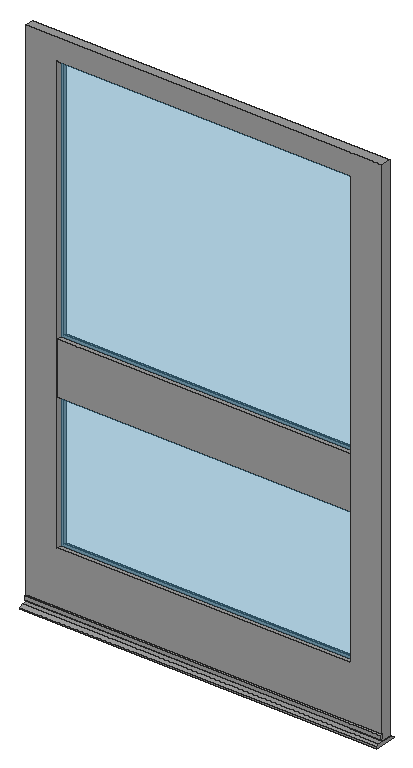
Revit family "AD E-DG-BHINGE-SNGL ENT-SF", category Curtain Panels, Revit 2019
Family settings
  OmniClass Number = 23.25.20.14.11.11.17
  OmniClass Title = Infill Panels
  Always vertical = Yes
  Cut with Voids When Loaded = No
  Shared = No
Parameters
  Width [instance] = 5' - 6"
  Wide Stile Entrance [instance] = not(Medium Stile Entrance)  # yes
  URL = "obe.com"
  Pushbar Height [instance] = 3' - 5 1/4"  # constant formula
  Offset [instance] = 0' - 2"
  Model = "AD E-DG"
  Medium Stile Entrance [instance] = no
  Manufacturer = "Oldcastle BuildingEnvelope®"
  Keynote = "08 11 00"
  Height [instance] = 8' - 0"
  Glass at Muntins [instance] = if([4 Mid Rail], 0' 4 29/64", if([6.5 Mid Rail], 0' 6 61/64", if([8 Mid Rail], 0' 8 29/64", if([10 Mid Rail], 0' 10 29/64", 0' 4 29/64"))))  # 0' - 8 29/64"
  Glass Material = Glass
  Frame Material = Aluminum
  Edge of door panel [instance] = if(Medium Stile Entrance, 0' 4 27/32", if(Wide Stile Entrance, 0' 6 3/32", 0' 4 27/32"))  # 0' - 6 3/32"
  Door Panel Height [instance] = Height + 0' 0 17/32"  # 8' - 0 17/32"
  Description = "ArmorDefend Medium/Wide Stile Entrance - 7/16\" Infill"
  Assembly Code = "B2030"
  Analytic Construction = "<None>"
  8 Mid Rail [instance] = yes
  4 Mid Rail [instance] = if(or([6.5 Mid Rail], 1 < 0, [8 Mid Rail], 1 < 0, [10 Mid Rail], 1 < 0), 0 > 1, 1 > 0)  # no
  6.5 Mid Rail [instance] = no
  10 Mid Rail [instance] = no
Reference planes (in)
  plane 1 "Front": y = 0
  plane 2: z = 0
  plane 3 "Center (Left/Right)": x = 0
  plane 4 "Left": x = -33
  plane 5 "Right": x = 33
  plane 6 "Top": z = 96
Text (in)
  text "Exterior" at (-54.29358, 31.38743, 0), in view "Ref. Level"
  text "Exterior" at (480, 41.53993, 89.60405), in view "Right"
  text "Exterior" at (-240, 57.82419, 105.78864), in view "Left"
Dimensions and locks (in)
  equal spacing: plane 4 "Left", plane 3 "Center (Left/Right)", plane 5 "Right"
  "Width": plane 4 "Left" to plane 5 "Right"
  "Height": plane 6 "Top" to plane 2
  aligned and locked: level to plane 2
  aligned and locked: plane 3 "Center (Left/Right)" to nested 1
  aligned and locked: plane 1 "Front" to nested 1
Nested families (in)
  nested 1: "AD E-DG-BHINGE-Single Door-Panel" at (0, -14, 0), Width <- "Width", Height <- "Door Panel Height", Medium Stile Entrance <- "Medium Stile Entrance", Glass Material <- "Glass Material", Frame Material <- "Frame Material", Offset <- "Offset", 6.5 Mid Rail <- "6.5 Mid Rail", 8 Mid Rail <- "8 Mid Rail", 10 Mid Rail <- "10 Mid Rail", type "AD E-DG-BHINGE-Single Door-Panel"
    with built-in parameter 1001301 5' - 6", Wide Stile Entrance yes, Pushbar Height 3' - 5 1/4", Offset 0' - 2", Medium Stile Entrance no, built-in parameter 1001300 8' - 0 17/32", Glass at Muntins 0' - 8 29/64", Glass Material Glass, Frame Material Aluminum, Edge of door panel 0' - 6 3/32", 8 Mid Rail yes, 6.5 Mid Rail no, 4 Mid Rail no, 10 Mid Rail no
Definition of nested family "AD E-DG-BHINGE-Single Door-Panel"
  Parameters (values of type "AD E-DG-BHINGE-Single Door-Panel")
    Width [instance] = 3' - 0"
    Wide Stile Entrance [instance] = not(Medium Stile Entrance)  # no
    URL = "obe.com"
    Offset [instance] = 0' - 1"
    Model = "AD E-DG"
    Medium Stile Entrance [instance] = yes
    Manufacturer = "Oldcastle BuildingEnvelope®"
    Keynote = "08 11 00"
    Height [instance] = 6' - 0"
    Glass at Muntins [instance] = if([4 Mid Rail], 0' 4 29/64", if([6.5 Mid Rail], 0' 6 61/64", if([8 Mid Rail], 0' 8 29/64", if([10 Mid Rail], 0' 10 29/64", 0' 4 29/64"))))  # 0' - 6 61/64"
    Glass Material [instance] = none
    Frame Material [instance] = none
    Edge of door panel [instance] = if(Medium Stile Entrance, 0' 4 27/32", if(Wide Stile Entrance, 0' 6 3/32", 0' 4 27/32"))  # 0' - 4 27/32"
    Description = "ArmorDefend Entrance - Dry Glazed - 7/16\" Door Infill"
    Pushbar Height [instance] = 3' - 5 1/4"  # constant formula
    Assembly Code = "B2030"
    Analytic Construction = "<None>"
    8 Mid Rail [instance] = no
    4 Mid Rail [instance] = if(or([6.5 Mid Rail], 1 < 0, [8 Mid Rail], 1 < 0, [10 Mid Rail], 1 < 0), 0 > 1, 1 > 0)  # no
    6.5 Mid Rail [instance] = yes
    10 Mid Rail [instance] = no
  Reference planes (in)
    plane 1 "00": y = 12.2655
    plane 2: z = 0
    plane 3 "Center (Left/Right)": x = 0
    plane 4: z = 72
    plane 5: x = 18
    plane 6: x = -18
    plane 7 "Center (Front/Back)": y = 14
    plane 8 "Exterior": y = 12.7655
    plane 9: z = 36
    plane 10: z = 68.125
    plane 11: z = 10.92187
    plane 12 "Offset": y = 13
    plane 13 "Pushbar Height": z = 41.25
    plane 14: z = 44.72656
    plane 15: z = 37.77344
    plane 16 "Edge of door panel Right": x = -13.15625
    plane 17 "Edge of door panel Left": x = 13.15625
  Forms (in)
    Sweep 1, solid, material <- "Frame Material"
      path origin (0, 12.2655, 0) x (1, 0, 0) y (0, 0, 1)
        loop
          line (-17.90532, 72) -> (17.90625, 72)
      profile origin (0.00046, 12.2655, 72) x (0, 0, 1) y (0, -1, 0)
        loop
          line (-0.625, -0.672) -> (-0.625, 1.078) -> (-2.62093, 1.078) -> (-4.46825, 1.078) -> (-4.46825, 0.21484) -> (-3.875, 0.21484) -> (-3.875, -0.21484) -> (-4.65625, -0.21484) -> (-4.65625, -0.672) -> (-2.62093, -0.672) -> (-0.625, -0.672)
    Sweep 2, solid, material <- "Frame Material"
      path origin (0, 12.2655, 0) x (1, 0, 0) y (0, 0, 1)
        loop
          line (17.90625, 0) -> (-17.90532, 0)
      profile origin (0.00046, 12.2655, 0) x (0, 0, -1) y (0, -1, 0)
        loop
          line (-11.68749, -0.21484) -> (-11.68749, -0.672) -> (-0.6875, -0.672) -> (-0.6875, 1.058) -> (-1.0005, 1.058) -> (-1.0005, 1.36) -> (-1.63814, 1.36) -> (-1.80095, 1.078) -> (-11.49949, 1.078) -> (-11.49949, 0.21484) -> (-10.92187, 0.21484) -> (-10.92187, -0.21484) -> (-11.68749, -0.21484)
    Sweep 3, solid, material <- "Frame Material"
      path origin (0, 12.2655, 0) x (1, 0, 0) y (0, 0, 1)
        loop
          line (18, 71.375) -> (18, 0.6875)
      profile origin (18, 12.2655, 36.03125) x (0, -1, 0) y (1, 0, 0)
        loop
          line (-0.672, -0.09375) -> (-0.672, -2.21468) -> (-0.672, -4.84375) -> (-0.21484, -4.84375) -> (-0.21484, -4.0625) -> (0.21484, -4.0625) -> (0.21484, -4.65574) -> (1.078, -4.65574) -> (1.078, -2.21468) -> (1.078, -0.20275) -> (-0.672, -0.09375)
    Sweep 4, solid, material <- "Frame Material"
      path origin (0, 12.2655, 0) x (1, 0, 0) y (0, 0, 1)
        loop
          line (-18, 71.375) -> (-18, 0.6875)
      profile origin (-18, 12.2655, 36.03125) x (0, -1, 0) y (1, 0, 0)
        loop
          line (-0.672, 0.09468) -> (1.078, 0.20368) -> (1.078, 2.31376) -> (1.078, 4.65675) -> (0.21484, 4.65675) -> (0.21484, 4.06323) -> (-0.21484, 4.06323) -> (-0.21484, 4.84375) -> (-0.672, 4.84375) -> (-0.672, 2.31376) -> (-0.672, 0.09468)
    Extrusion 5, solid, material <- "Glass Material", detail levels medium+fine
      sketch origin (0, 0, 0) x (1, 0, 0) y (0, 1, 0)
        loop
          line (13.9375, 12.35534) -> (13.9375, 12.48034) -> (-13.93677, 12.48034) -> (-13.93677, 12.35534) -> (13.9375, 12.35534)
        loop
          line (13.9375, 12.17566) -> (-13.93677, 12.17566) -> (-13.93677, 12.05066) -> (13.9375, 12.05066) -> (13.9375, 12.17566)
      from 44.72656 to 68.125
    Extrusion 6, void
      sketch origin (0, 0, 0) x (1, 0, 0) y (0, 1, 0)
        loop
          line (-18, 11.1875) -> (-17.79632, 11.1875) -> (-17.95283, 13.7002) -> (-18, 13.7002) -> (-18, 11.1875)
      from 0.6875 to 72
    Extrusion 7, void
      sketch origin (0, 0, 0) x (-1, 0, 0) y (0, -1, 0)
        loop
          line (-18, -11.1875) -> (-18, -13.7002) -> (-17.95376, -13.7002) -> (-17.79725, -11.1875) -> (-18, -11.1875)
      from 0.6875 to 72
    Extrusion 8, solid, material <- "Glass Material", detail levels coarse
      sketch origin (0, 0, 0) x (1, 0, 0) y (0, 1, 0)
        loop
          line (-13.93677, 12.48034) -> (-13.93677, 12.05066) -> (13.9375, 12.05066) -> (13.9375, 12.48034) -> (-13.93677, 12.48034)
      from 44.72656 to 68.125
    Extrusion 9, solid, material <- "Glass Material", detail levels coarse
      sketch origin (0, 0, -26) x (1, 0, 0) y (0, 1, 0)
        loop
          line (-13.93677, 12.05066) -> (13.9375, 12.05066) -> (13.9375, 12.48034) -> (-13.93677, 12.48034) -> (-13.93677, 12.05066)
      from 36.92188 to 63.77344
    Extrusion 10, solid, material <- "Glass Material", detail levels medium+fine
      sketch origin (0, 0, -25) x (1, 0, 0) y (0, 1, 0)
        loop
          line (13.9375, 12.05066) -> (13.9375, 12.17566) -> (-13.93677, 12.17566) -> (-13.93677, 12.05066) -> (13.9375, 12.05066)
        loop
          line (13.9375, 12.48034) -> (-13.93677, 12.48034) -> (-13.93677, 12.35534) -> (13.9375, 12.35534) -> (13.9375, 12.48034)
      from 35.92188 to 62.77344
    Sweep 11, solid, material <- "Frame Material"
      path origin (0, 13, 0) x (1, 0, 0) y (0, 0, 1)
        loop
          line (16, 41.25) -> (-16, 41.25)
      profile origin (0, 13, 41.25) x (0, 0, -1) y (0, -1, 0)
        loop
          line (-4.242, 0.0825) -> (4.258, 0.0825) -> (4.258, 0.51966) -> (3.47656, 0.51966) -> (3.47656, 0.94934) -> (4.07, 0.94934) -> (4.07, 1.7925) -> (-4.054, 1.7925) -> (-4.054, 0.94934) -> (-3.47656, 0.94934) -> (-3.47656, 0.51966) -> (-4.242, 0.51966) -> (-4.242, 0.0825)
    Sweep 12, solid, material <- "Frame Material"
      path origin (0, 12.2655, 0) x (1, 0, 0) y (0, 0, 1)
        loop
          line (17.90625, 0) -> (-17.90532, 0)
      profile origin (0.00046, 12.2655, 0) x (0, 0, -1) y (0, -1, 0)
        loop
          line (-0.5, 1.734) -> (-0.5, -0.952) -> (-0.19364, -1.609) -> (-0.00001, -1.609) -> (-0.00001, 2.391) -> (-0.19364, 2.391) -> (-0.5, 1.734)
  Cuts and joins
    Extrusion 6, Extrusion 7 cuts Sweep 1
    Extrusion 6, Extrusion 7 cuts Sweep 2
    joined: Sweep 1, Sweep 2, Sweep 3, Sweep 4, Sweep 11
  Lines and regions (in)
    model lines
      curve 1: line (17.79725, 12.7655, 71.375) -> (-13.6875, 12.7655, 36)
      curve 2: line (-13.6875, 12.7655, 36) -> (17.79725, 12.7655, 0.5)
  Dimensions and locks (in)
    "Width": plane 6 to plane 5
    "Offset": plane 12 "Offset" to plane 7 "Center (Front/Back)"
    plane 1 "00" to plane 8 "Exterior" to plane 12 "Offset" = 0' - 0 1/2" locked, 0' - 0.2345" locked
    equal spacing: level, plane 9, plane 4
    locked: Sweep 2 sketch curve to plane 6 at 0.09468
    locked: plane 5 to Sweep 2 sketch curve at 0.09375
    locked: Sweep 3 sketch curve to plane 4 at 0.625
    locked: Sweep 4 sketch curve to plane 4 at 0.625
    locked: Sweep 1 sketch curve to plane 6 at 0.09468
    locked: plane 5 to Sweep 1 sketch curve at 0.09375
    locked: plane 10 to plane 4 at 3.875
    locked: plane 11 to plane 2 at 10.92187
    "Height": plane 4 to plane 2
    locked: Sweep 1 sketch curve to plane 10 at 0.59325
    locked: Sweep 1 sketch curve to plane 10 at 0.78125
    locked: plane 11 to Sweep 2 sketch curve at 0.57761
    locked: plane 11 to Sweep 2 sketch curve at 0.76561
    equal spacing: plane 6, plane 3 "Center (Left/Right)", plane 5
    Extrusion 5 sketch curve to Extrusion 5 sketch curve to plane 1 "00" to Extrusion 5 sketch curve to Extrusion 5 sketch curve = 0' - 0 1/8" locked, 0' - 0 23/256" locked, 0' - 0 23/256" locked, 0' - 0 1/8" locked
    Sweep 4 sketch curve to Sweep 4 sketch curve to Sweep 4 sketch curve = 0' - 0.59352" locked, 0' - 0.187" locked
    plane 6 to Extrusion 6 sketch curve to Extrusion 6 sketch curve = 0' - 0.04717" locked, 0' - 0.15651" locked
    Extrusion 7 sketch curve to Extrusion 7 sketch curve to plane 5 = 0' - 0.15651" locked, 0' - 0.04624" locked
    locked: plane 4 to Sweep 1 sketch curve at 0.625
    locked: nested 2 to plane 1 "00" at 0.0625
    Extrusion 8 sketch curve to plane 1 "00" to Extrusion 8 sketch curve = 0' - 0 55/256" locked, 0' - 0 55/256" locked
    "Pushbar Height": level to plane 13 "Pushbar Height"
    equal spacing: plane 15, plane 13 "Pushbar Height", plane 14
    "Glass at Muntins": plane 15 to plane 14
    Extrusion 9 sketch curve to plane 1 "00" to Extrusion 9 sketch curve = 0' - 0 55/256" locked, 0' - 0 55/256" locked
    Extrusion 10 sketch curve to Extrusion 10 sketch curve to plane 1 "00" to Extrusion 10 sketch curve to Extrusion 10 sketch curve = 0' - 0 1/8" locked, 0' - 0 23/256" locked, 0' - 0 23/256" locked, 0' - 0 1/8" locked
    locked: plane 15 to Sweep 11 sketch curve at 0.78144
    locked: plane 15 to Sweep 11 sketch curve at 0.59344
    locked: plane 14 to Sweep 11 sketch curve at 0.57744
    locked: plane 14 to Sweep 11 sketch curve at 0.76544
    "Edge of door panel": plane 6 to plane 16 "Edge of door panel Right"
    "Edge of door panel": plane 17 "Edge of door panel Left" to plane 5
    plane 17 "Edge of door panel Left" to Sweep 3 sketch curve to Sweep 3 sketch curve = 0' - 0.18801" locked, 0' - 0.59323" locked
    locked: Extrusion 8 sketch curve to plane 16 "Edge of door panel Right" at 0.78052
    locked: plane 17 "Edge of door panel Left" to Extrusion 8 sketch curve at 0.78125
    Extrusion 5 sketch curve to Extrusion 5 sketch curve to plane 16 "Edge of door panel Right" = 0' - 0" locked, 0' - 0.78052" locked
    plane 17 "Edge of door panel Left" to Extrusion 5 sketch curve to Extrusion 5 sketch curve = 0' - 0 25/32" locked, 0' - 0" locked
    locked: plane 5 to Sweep 11 sketch curve at 2
    locked: Sweep 11 sketch curve to plane 6 at 2
    locked: level to Sweep 3 sketch curve at 0.6875
    locked: level to Sweep 4 sketch curve at 0.6875
    locked: plane 5 to Sweep 12 sketch curve at 0.09375
    locked: Sweep 12 sketch curve to plane 6 at 0.09468
    aligned and locked: plane 2 to level
    aligned and locked: Sweep 1 sketch curve to plane 4
    aligned and locked: level to nested 1
    aligned and locked: nested 1 to plane 1 "00"
    aligned and locked: plane 5 to Sweep 3 sketch curve
    aligned and locked: plane 6 to Sweep 4 sketch curve
    aligned and locked: plane 9 to curve 1
    aligned and locked: plane 3 "Center (Left/Right)" to nested 2
    aligned and locked: Extrusion 5 to plane 10
    aligned and locked: plane 6 to Extrusion 6 sketch curve
    aligned and locked: plane 4 to Extrusion 6
    aligned and locked: plane 5 to Extrusion 7 sketch curve
    aligned and locked: plane 4 to Extrusion 7
    aligned and locked: plane 14 to Extrusion 5
    aligned and locked: plane 11 to Extrusion 9
    aligned and locked: plane 11 to Extrusion 10
    aligned and locked: plane 15 to Extrusion 10
    aligned and locked: plane 15 to Extrusion 9
    aligned and locked: plane 13 "Pushbar Height" to Sweep 11 sketch curve
    aligned and locked: plane 14 to Sweep 11 sketch curve
    aligned and locked: plane 15 to Sweep 11 sketch curve
    aligned and locked: Sweep 4 sketch curve to plane 16 "Edge of door panel Right"
    aligned and locked: plane 17 "Edge of door panel Left" to Sweep 3 sketch curve
    aligned and locked: Extrusion 10 sketch curve to Extrusion 8  (x2)
    aligned and locked: Extrusion 9 sketch curve to Extrusion 8  (x2)
    aligned and locked: Extrusion 8 to plane 10
    aligned and locked: plane 14 to Extrusion 8
    aligned and locked: Sweep 2 sketch curve to level
    aligned and locked: Sweep 2 to Extrusion 6
  Automatic sketch dimensions
    Sweep 1 sketch curve to plane 1 "00" = 0' - 0 55/256"
    Sweep 1 sketch curve to Sweep 1 sketch curve = 0' - 0.59325"
    Sweep 1 sketch curve to Sweep 1 sketch curve = 0' - 1.25407"  (x2)
    Sweep 1 sketch curve to plane 1 "00" = 0' - 0.672"
    plane 1 "00" to Sweep 1 sketch curve = 0' - 0 55/256"
    Sweep 1 sketch curve to Sweep 1 sketch curve = 0' - 0.86316"
    plane 6 to curve 2 = 0' - 4 5/16"
    curve 1 to plane 5 = 0' - 0.20275"
    level to curve 2 = 0' - 0 1/2"
    plane 1 "00" to Extrusion 6 sketch curve = 0' - 1.078"
    Extrusion 6 sketch curve to plane 12 "Offset" = 0' - 0.7002"
    Extrusion 7 sketch curve to plane 1 "00" = 0' - 1.078"
    plane 12 "Offset" to Extrusion 7 sketch curve = 0' - 0.7002"
    plane 12 "Offset" to Sweep 11 sketch curve = 0' - 0.0825"
    Sweep 11 sketch curve to Sweep 11 sketch curve = 0' - 0.43716"  (x2)
    Sweep 11 sketch curve to Sweep 11 sketch curve = 0' - 0 55/128"  (x2)
    Sweep 11 sketch curve to Sweep 11 sketch curve = 0' - 0.84316"
    profile plane to Sweep 3 sketch curve = 0' - 0 3/32"
    Sweep 3 sketch curve to plane 1 "00" = 0' - 0.672"
    Sweep 3 sketch curve to plane 1 "00" = 0' - 0 55/256"
    plane 1 "00" to Sweep 3 sketch curve = 0' - 0 55/256"
    profile plane to Sweep 3 sketch curve = 0' - 0.20275"
    plane 1 "00" to Sweep 3 sketch curve = 0' - 1.078"
    Sweep 3 sketch curve to Sweep 3 sketch curve = 0' - 1.84782"
    Sweep 3 sketch curve to Sweep 3 sketch curve = 0' - 0"
    Sweep 4 sketch curve to plane 1 "00" = 0' - 0.672"
    Sweep 4 sketch curve to plane 1 "00" = 0' - 0 55/256"
    plane 1 "00" to Sweep 4 sketch curve = 0' - 0 55/256"
    plane 1 "00" to Sweep 4 sketch curve = 0' - 1.078"
    Sweep 4 sketch curve to Sweep 4 sketch curve = 0' - 1.74947"
    Sweep 4 sketch curve to Sweep 4 sketch curve = 0' - 0"
    Sweep 4 sketch curve to profile plane = 0' - 0.20368"
    Sweep 4 sketch curve to profile plane = 0' - 0.09468"
    Extrusion 10 sketch curve to plane 16 "Edge of door panel Right" = 0' - 0.78052"
    Extrusion 10 sketch curve to Extrusion 10 sketch curve = 0' - 0"
    plane 1 "00" to Sweep 2 sketch curve = 0' - 0 55/256"
    Sweep 2 sketch curve to Sweep 2 sketch curve = 0' - 0.57761"
    Sweep 2 sketch curve to plane 1 "00" = 0' - 0 55/256"
    Sweep 2 sketch curve to plane 1 "00" = 0' - 0.672"
    Sweep 2 sketch curve to Sweep 2 sketch curve = 0' - 0.86316"
    Sweep 2 sketch curve to Sweep 2 sketch curve = 0' - 0.16281"
    Sweep 2 sketch curve to Sweep 2 sketch curve = 0' - 0.282"
    Sweep 2 sketch curve to Sweep 2 sketch curve = 0' - 0.313"
    Sweep 2 sketch curve to Sweep 2 sketch curve = 0' - 0.80045"
    Sweep 2 sketch curve to Sweep 2 sketch curve = 0' - 0.02"
    profile plane to Sweep 2 sketch curve = 0' - 1.80095"
    curve 2 to plane 5 = 0' - 0.20275"
    curve 1 to plane 4 = 0' - 0 5/8"
    Sweep 12 sketch curve to level = 0' - 0"
    profile plane to Sweep 12 sketch curve = 0' - 0.19364"  (x2)
    profile plane to Sweep 12 sketch curve = 0' - 0"
    Sweep 12 sketch curve to Sweep 12 sketch curve = 0' - 0.657"  (x2)
    profile plane to Sweep 12 sketch curve = 0' - 0 1/2"
    Sweep 12 sketch curve to plane 1 "00" = 0' - 1.609"
    plane 1 "00" to Sweep 12 sketch curve = 0' - 1.734"
  Nested families (in)
    nested 1: "AD E-DG-BHINGE-Single Door-Section" at (0, 12.2655, 0) x (0, -1, 0) z (1, 0, 0), Height <- "Height", 6.5 Mid Rail <- "6.5 Mid Rail", 8 Mid Rail <- "8 Mid Rail", 10 Mid Rail <- "10 Mid Rail", type "AD E-DG-BHINGE-Single Door-Section"
      with Pushbar Height 3' - 5 1/4", Height 6' - 0", Glass at Muntins 0' - 6 61/64", 8 Mid Rail no, 6.5 Mid Rail yes, 4 Mid Rail no, 10 Mid Rail no
    nested 2: "AD E-DG-BHINGE-Single Door-Plan View" at (0, 12.203, 0), Width <- "Width", Medium Stile <- "Medium Stile Entrance", Wide Stile <- "Wide Stile Entrance", type "AD E-DG-BHINGE-Single Door-Plan View"
      with Width 3' - 0", Wide Stile no, Medium Stile yes
  Definition of nested family "AD E-DG-BHINGE-Single Door-Section"
    Parameters (values of type "AD E-DG-BHINGE-Single Door-Section")
      Height [instance] = 6' - 0"
      Pushbar Height [instance] = 3' - 5 1/4"  # constant formula
      Glass at Muntins [instance] = if([4 Mid Rail], 0' 4 29/64", if([6.5 Mid Rail], 0' 6 61/64", if([8 Mid Rail], 0' 8 29/64", if([10 Mid Rail], 0' 10 29/64", 0' 4 29/64"))))  # 0' - 4 29/64"
      8 Mid Rail [instance] = no
      4 Mid Rail [instance] = if(or([6.5 Mid Rail], 1 < 0, [8 Mid Rail], 1 < 0, [10 Mid Rail], 1 < 0), 0 > 1, 1 > 0)  # yes
      6.5 Mid Rail [instance] = no
      10 Mid Rail [instance] = no
    Reference planes (in)
      plane 1 "Center (Front/Back)": y = 0
      plane 2: z = 0
      plane 3 "Center (Left/Right)": x = 0
      plane 4: y = 68.125
      plane 5: y = 72
      plane 6: y = 10.92188
      plane 7: y = 41.25
      plane 8: y = 43.47656
      plane 9: y = 39.02344
    Lines and regions (in)
      Filled region 1, type "Solid Fill - Black", in view "Ref. Level", detail levels fine
        outline origin (0, 0, 0) x (1, 0, 0) y (0, 1, 0)
          loop
            line (-0.09, 68.125) -> (-0.09, 43.47656) -> (0.09, 43.47656) -> (0.09, 68.125) -> (-0.09, 68.125)
      Filled region 2, type "Solid Fill - Black", in view "Ref. Level", detail levels fine
        outline origin (0, -34.25, 0) x (1, 0, 0) y (0, 1, 0)
          loop
            line (-0.09, 73.27344) -> (-0.09, 45.17188) -> (0.09, 45.17188) -> (0.09, 73.27344) -> (-0.09, 73.27344)
      detail lines, in view "Ref. Level"
        curve 1: line (-0.215, 68.125, 0) -> (-0.215, 43.47656, 0)
        curve 4: line (0.215, 68.125, 0) -> (0.215, 43.47656, 0)
        curve 5: line (0.215, 39.02344, 0) -> (0.215, 10.92188, 0)
        curve 6: line (-0.215, 39.02344, 0) -> (-0.215, 10.92188, 0)
      detail lines, in view "Ref. Level", detail levels medium+fine
        curve 2: line (-0.09, 68.125, 0) -> (-0.09, 43.47656, 0)
        curve 3: line (0.09, 68.125, 0) -> (0.09, 43.47656, 0)
        curve 7: line (0.09, 39.02344, 0) -> (0.09, 10.92188, 0)
        curve 8: line (-0.09, 39.02344, 0) -> (-0.09, 10.92188, 0)
    Dimensions and locks (in)
      nested 1 to plane 5 to plane 4 = 0' - 2 31/32" locked, 0' - 3 7/8" locked
      "Pushbar Height": plane 1 "Center (Front/Back)" to plane 7
      "Height": plane 1 "Center (Front/Back)" to plane 5
      locked: plane 1 "Center (Front/Back)" to nested 2 at 10.92189
      "Glass at Muntins": plane 8 to plane 9
      equal spacing: plane 9, plane 7, plane 8
      aligned and locked: plane 3 "Center (Left/Right)" to nested 1
      aligned and locked: plane 3 "Center (Left/Right)" to nested 2
      aligned and locked: plane 4 to curve 1
      aligned and locked: plane 4 to curve 2
      aligned and locked: plane 4 to curve 3
      aligned and locked: plane 4 to curve 4
      aligned and locked: plane 6 to curve 6
      aligned and locked: plane 6 to curve 8
      aligned and locked: plane 6 to curve 7
      aligned and locked: plane 6 to curve 5
      aligned and locked: Filled region 1 sketch curve to curve 2
      aligned and locked: curve 3 to Filled region 1 sketch curve
      aligned and locked: Filled region 1 sketch curve to plane 4
      aligned and locked: plane 7 to nested 3
      aligned and locked: plane 7 to nested 4
      aligned and locked: plane 7 to nested 5
      aligned and locked: plane 7 to nested 6
      aligned and locked: Filled region 1 sketch curve to plane 8
      aligned and locked: plane 8 to curve 4
      aligned and locked: plane 8 to curve 1
      aligned and locked: plane 8 to curve 2
      aligned and locked: plane 8 to curve 3
      aligned and locked: plane 9 to curve 5
      aligned and locked: plane 9 to curve 7
      aligned and locked: plane 9 to curve 8
      aligned and locked: plane 9 to curve 6
      aligned and locked: Filled region 2 sketch curve to plane 6
      aligned and locked: Filled region 2 sketch curve to plane 9
      aligned and locked: plane 3 "Center (Left/Right)" to nested 4
      aligned and locked: plane 3 "Center (Left/Right)" to nested 5
      aligned and locked: plane 3 "Center (Left/Right)" to nested 6
      aligned and locked: plane 3 "Center (Left/Right)" to nested 3
      aligned and locked: plane 1 "Center (Front/Back)" to nested 2
    Automatic sketch dimensions
      curve 1 to plane 3 "Center (Left/Right)" = 0' - 0.215"
      curve 6 to plane 3 "Center (Left/Right)" = 0' - 0.215"
      curve 8 to plane 3 "Center (Left/Right)" = 0' - 0.09"
      curve 2 to plane 3 "Center (Left/Right)" = 0' - 0.09"
      plane 3 "Center (Left/Right)" to curve 7 = 0' - 0.09"
      plane 3 "Center (Left/Right)" to curve 3 = 0' - 0.09"
      curve 7 to curve 5 = 0' - 0 1/8"
      curve 3 to curve 4 = 0' - 0 1/8"
      Filled region 2 sketch curve to plane 3 "Center (Left/Right)" = 0' - 0.09"
      plane 3 "Center (Left/Right)" to Filled region 2 sketch curve = 0' - 0.09"
    Nested families (in)
      nested 1: "AD-DG-DOOR TOP-DI" at (0, 74.96875, 0), type "AD-DG-DOOR TOP-DI", in view "Ref. Level"
      nested 2: "AD-DG-9-D2602-10 BOT RAIL-DI" at (0, 10.92189, 0), type "AD-DG-9-D2602-10 BOT RAIL-DI", in view "Ref. Level"
      nested 3: "AD-DG-10-D2602-10 MID RAIL-DI" at (0, 41.25, 0), visible <- "10 Mid Rail", type "AD-DG-10-D2602-10 MID RAIL-DI", in view "Ref. Level"
      nested 4: "AD-DG-10-D2602-4 MID RAIL-DI" at (0, 41.25, 0), visible <- "4 Mid Rail", type "AD-DG-10-D2602-4 MID RAIL-DI", in view "Ref. Level"
      nested 5: "AD-DG-10-D2602-6.5 MID RAIL-DI" at (0, 41.25, 0), visible <- "6.5 Mid Rail", type "AD-DG-10-D2602-6.5 MID RAIL-DI", in view "Ref. Level"
      nested 6: "AD-DG-10-D2602-8 MID RAIL-DI" at (0, 41.25, 0), visible <- "8 Mid Rail", type "AD-DG-10-D2602-8 MID RAIL-DI", in view "Ref. Level"
    Definition of nested family "AD-DG-DOOR TOP-DI"
      Reference planes (in)
        plane 1 "Center (Front/Back)": y = 0
        plane 2: z = 0
        plane 3 "Center (Left/Right)": x = 0
    Definition of nested family "AD-DG-9-D2602-10 BOT RAIL-DI"
      Reference planes (in)
        plane 1 "Center (Front/Back)": y = 0
        plane 2: z = 0
        plane 3 "Center (Left/Right)": x = 0
    Definition of nested family "AD-DG-10-D2602-10 MID RAIL-DI"
      Reference planes (in)
        plane 1 "Center (Front/Back)": y = 0
        plane 2: z = 0
        plane 3 "Center (Left/Right)": x = 0
    Definition of nested family "AD-DG-10-D2602-4 MID RAIL-DI"
      Reference planes (in)
        plane 1 "Center (Front/Back)": y = 0
        plane 2: z = 0
        plane 3 "Center (Left/Right)": x = 0
    Definition of nested family "AD-DG-10-D2602-6.5 MID RAIL-DI"
      Reference planes (in)
        plane 1 "Center (Front/Back)": y = 0
        plane 2: z = 0
        plane 3 "Center (Left/Right)": x = 0
    Definition of nested family "AD-DG-10-D2602-8 MID RAIL-DI"
      Reference planes (in)
        plane 1 "Center (Front/Back)": y = 0
        plane 2: z = 0
        plane 3 "Center (Left/Right)": x = 0
  Definition of nested family "AD E-DG-BHINGE-Single Door-Plan View"
    Parameters (values of type "AD E-DG-BHINGE-Single Door-Plan View")
      Width [instance] = 3' - 0"
      Wide Stile [instance] = yes
      Medium Stile [instance] = yes
    Reference planes (in)
      plane 1 "Center (Front/Back)": y = 0
      plane 2: z = 0
      plane 3 "Center (Left/Right)": x = 0
      plane 4: x = -18
      plane 5: x = 18
      plane 6: x = 17.23425
      plane 7: y = 36
    Lines and regions (in)
      Filled region 1, type "Solid Fill - Black", in view "Ref. Level", detail levels fine
        outline origin (0, 0, 0) x (1, 0, 0) y (0, 1, 0)
          loop
            line (17.14425, 30.67955) -> (17.14425, 5.89075) -> (17.32425, 5.89075) -> (17.32425, 30.67955) -> (17.14425, 30.67955)
      detail lines, in view "Ref. Level", not visible
        curve 1: line (-12.68675, 0.215, 0) -> (13.23738, 0.215, 0)
        curve 2: line (13.23738, 0.09, 0) -> (-12.68675, 0.09, 0)
        curve 3: line (-12.68675, -0.09, 0) -> (13.23738, -0.09, 0)
        curve 4: line (13.23738, -0.215, 0) -> (-12.68675, -0.215, 0)
      detail lines, in view "Ref. Level", visible <- "Wide Stile"
        curve 5: line (17.01925, 30.67955, 0) -> (17.01925, 5.89075, 0)
        curve 8: line (17.44925, 30.67955, 0) -> (17.44925, 5.89075, 0)
      detail lines, in view "Ref. Level", detail levels medium+fine
        curve 6: line (17.23425, 30.67955, 0) -> (17.23425, 6.56227, 0)
        curve 7: line (17.32425, 30.67955, 0) -> (17.32425, 5.89075, 0)
      detail lines, in view "Ref. Level"
        curve 9: arc (-17.90828, 0.55394, 0) -> (-7.46565, 25.5841, 0) -> (17.6174, 35.89905, 0) r 35.43551
      detail lines, in view "Ref. Level", visible <- "Medium Stile"
        curve 10: line (17.01925, 31.92955, 0) -> (17.01925, 4.64075, 0)
        curve 11: line (17.44925, 31.92955, 0) -> (17.44925, 4.64075, 0)
    Dimensions and locks (in)
      "Width": plane 4 to plane 5
      equal spacing: plane 4, plane 3 "Center (Left/Right)", plane 5
      locked: plane 5 to plane 6 at 0.76575
      "Width": plane 7 to plane 1 "Center (Front/Back)"
      locked: plane 5 to nested 2 at 2.25
      locked: nested 1 to plane 7 at 2.24205
      locked: nested 3 to plane 4 at 2.24925
      locked: nested 4 to plane 1 "Center (Front/Back)" at 1.67175
      locked: plane 5 to nested 5 at 2.25
      locked: nested 6 to plane 4 at 2.25
      locked: nested 7 to plane 1 "Center (Front/Back)" at 1.67175
      locked: nested 8 to plane 7 at 2.24205
      aligned and locked: nested 1 to plane 6
      aligned and locked: nested 3 to plane 1 "Center (Front/Back)"
      aligned and locked: plane 1 "Center (Front/Back)" to nested 2
      aligned and locked: Filled region 1 to curve 5
      aligned and locked: curve 7 to Filled region 1
      aligned and locked: plane 6 to nested 4
      aligned and locked: curve 5 to Filled region 1
      aligned and locked: curve 6 to nested 1
      aligned and locked: plane 1 "Center (Front/Back)" to nested 5
      aligned and locked: nested 6 to plane 1 "Center (Front/Back)"
      aligned and locked: plane 6 to nested 7
      aligned and locked: nested 8 to plane 6
    Automatic sketch dimensions
      plane 6 to Filled region 1 sketch curve = 0' - 0.09"
      Filled region 1 sketch curve to plane 6 = 0' - 0.09"
      Filled region 1 sketch curve to plane 1 "Center (Front/Back)" = 0' - 5.89075"
      Filled region 1 sketch curve to plane 7 = 0' - 5.32045"
      curve 9 to plane 6 = 0' - 0.29286"
      curve 9 to plane 1 "Center (Front/Back)" = 0' - 0.46365"
      plane 6 to curve 5 = 0' - 0.215"
      plane 6 to curve 10 = 0' - 0.215"
      curve 2 to plane 1 "Center (Front/Back)" = 0' - 0.09"
      plane 6 to curve 2 = 0' - 3.99687"
      curve 1 to curve 2 = 0' - 0"
      curve 4 to curve 2 = 0' - 0"
      curve 3 to curve 4 = 0' - 0"
      curve 1 to plane 1 "Center (Front/Back)" = 0' - 0.215"
      plane 4 to curve 1 = 0' - 5.31325"
      curve 2 to curve 1 = 0' - 0"
      plane 1 "Center (Front/Back)" to curve 3 = 0' - 0.09"
      curve 3 to curve 2 = 0' - 0"
      curve 4 to curve 3 = 0' - 0"
      plane 4 to curve 9 = 0' - 0.09172"
      curve 11 to plane 6 = 0' - 0.215"
      curve 7 to curve 8 = 0' - 0 1/8"
      curve 9 to plane 7 = 0' - 0.10095"
      curve 9 to plane 5 = 0' - 0.3826"
      curve 5 to curve 8 = 0' - 0"  (x2)
      curve 7 to curve 8 = 0' - 0"  (x2)
      curve 11 to curve 8 = 0' - 1 1/4"
      curve 10 to curve 11 = 0' - 0"  (x2)
      curve 4 to curve 3 = 0' - 0 1/8"
      curve 7 to curve 6 = 0' - 0.67152"
      curve 6 to curve 7 = 0' - 0"
      curve 8 to curve 11 = 0' - 1 1/4"
    Nested families (in)
      nested 1: "AD-DG-MED STILE-DI" at (17.23425, 38.24205, 0) x (0, 1, 0) z (0, 0, 1), visible <- "Medium Stile", type "AD-DG-MED STILE-DI", in view "Ref. Level"
      nested 2: "AD-DG-MED STILE-DI" at (20.25, 0, 0), type "AD-DG-MED STILE-DI", in view "Ref. Level", not visible
      nested 3: "AD-DG-MED STILE-DI" at (-20.24925, 0, 0) x (-1, 0, 0) z (0, 0, 1), type "AD-DG-MED STILE-DI", in view "Ref. Level", not visible
      nested 4: "AD-DG-MED STILE-DI" at (17.23425, -1.67175, 0) x (0, -1, 0) z (0, 0, 1), visible <- "Medium Stile", type "AD-DG-MED STILE-DI", in view "Ref. Level"
      nested 5: "AD-DG-WIDE STILE-DI" at (20.25, 0, 0), type "AD-DG-WIDE STILE-DI", in view "Ref. Level", not visible
      nested 6: "AD-DG-WIDE STILE-DI" at (-20.25, 0, 0) x (-1, 0, 0) z (0, 0, 1), type "AD-DG-WIDE STILE-DI", in view "Ref. Level", not visible
      nested 7: "AD-DG-WIDE STILE-DI" at (17.23425, -1.67175, 0) x (0, -1, 0) z (0, 0, 1), visible <- "Wide Stile", type "AD-DG-WIDE STILE-DI", in view "Ref. Level"
      nested 8: "AD-DG-WIDE STILE-DI" at (17.23425, 38.24205, 0) x (0, 1, 0) z (0, 0, 1), visible <- "Wide Stile", type "AD-DG-WIDE STILE-DI", in view "Ref. Level"
    Definition of nested family "AD-DG-MED STILE-DI"
      Reference planes (in)
        plane 1 "Center (Front/Back)": y = 0
        plane 2: z = 0
        plane 3 "Center (Left/Right)": x = 0
    Definition of nested family "AD-DG-WIDE STILE-DI"
      Reference planes (in)
        plane 1 "Center (Front/Back)": y = 0
        plane 2: z = 0
        plane 3 "Center (Left/Right)": x = 0
